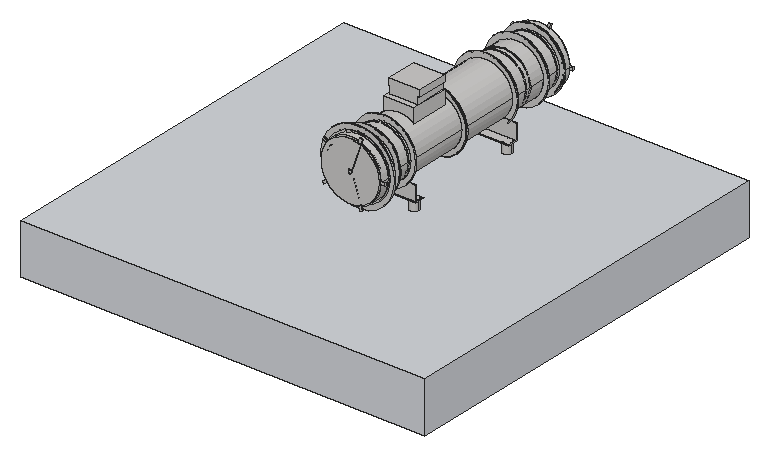
Revit family "HARMANN - REVIT - MAXEE - poziomy", category Wyposażenie mechaniczne, Revit 2025 (continued)
Definition of nested family "HARMANN - Akcesoria - RVK H"
  Types (13, lengths in mm): name | Numer artykułu | N1 | Model | E | D | B | A2 | A
    RVK H 900 F4 | "15955700" | 10 | "RVK H 900 F4" | 421.00 | 904.00 | 900.00 | 1000.00 | 970.00
    RVK H 1000 F4 | "15957400" | 11 | "RVK H 1000 F4" | 576.00 | 1004.00 | 1000.00 | 1100.00 | 1070.00
    RVK H 1120 F4 | "16399300" | 12 | "RVK H 1120 F4" | 566.00 | 1124.00 | 1120.00 | 1220.00 | 1190.00
    RVK H 1250 F4 | "16403000" | 13 | "RVK H 1250 F4" | 566.00 | 1254.00 | 1250.00 | 1350.00 | 1320.00
  Reference planes
    plane 1 "Center (Front/Back)": y = 0
    plane 2: z = 0
    plane 3 "Center (Left/Right)": x = 0
    plane 4: x = -485
    plane 5: x = 485
    plane 6: z = 485
    plane 7: z = -485
    plane 8: y = 421
    plane 9 "Center L/S": y = 3
    plane 10: y = 418
    plane 11: y = 321
    plane 12: y = 100
    plane 13 "Center L/T": y = 13
    plane 14 "Center L/U": y = 16
  Forms (mm)
    Sweep 1, solid, detail levels medium+fine
      path origin (0, 0, 0) x (1, 0, 0) y (0, 1, 0)
        loop
          line (0, 418) -> (0, 3)
      profile origin (0, 210.5, 0) x (1, 0, 0) y (0, 0, 1)
        loop
          circle (0, 0) r 452
        loop
          circle (0, 0) r 450
    Sweep 2, solid, detail levels medium+fine
      path origin (0, 0, 0) x (1, 0, 0) y (0, 1, 0)
        loop
          line (0, 421) -> (0, 418)
      profile origin (0, 419.5, 0) x (1, 0, 0) y (0, 0, 1)
        loop
          circle (0, 0) r 500
        loop
          circle (0, 0) r 450
    Sweep 3, solid, detail levels medium+fine
      path origin (0, 0, 0) x (1, 0, 0) y (0, 1, 0)
        loop
          line (0, 3) -> (0, 0)
      profile origin (0, 1.5, 0) x (1, 0, 0) y (0, 0, 1)
        loop
          circle (0, 0) r 500
        loop
          circle (0, 0) r 450
    Sweep 4, solid, detail levels coarse
      path origin (0, 0, 0) x (1, 0, 0) y (0, 1, 0)
        loop
          line (0, 421) -> (0, 0)
      profile origin (0, 210.5, 0) x (1, 0, 0) y (0, 0, 1)
        loop
          circle (0, 0) r 500
    Sweep 5, solid, detail levels medium+fine
      path origin (0, 0, 0) x (1, 0, 0) y (0, 1, 0)
        loop
          line (0, 102) -> (0, 98)
      profile origin (0, 100, 0) x (1, 0, 0) y (0, 0, 1)
        loop
          circle (0, 0) r 452
        loop
          circle (0, 0) r 450
    Sweep 6, solid, detail levels medium+fine
      path origin (0, 0, 0) x (1, 0, 0) y (0, 1, 0)
        loop
          line (0, 323) -> (0, 319)
      profile origin (0, 321, 0) x (1, 0, 0) y (0, 0, 1)
        loop
          circle (0, 0) r 452
        loop
          circle (0, 0) r 450
    Sweep 7, solid, detail levels medium+fine
      path origin (0, 0, 0) x (1, 0, 0) y (0, 1, 0)
        loop
          line (0, 16) -> (0, 13)
      profile origin (0, 14.5, 0) x (1, 0, 0) y (0, 0, 1)
        loop
          circle (0, 0) r 450
  Dimensions and locks
    equal spacing: plane 5, plane 3 "Center (Left/Right)", plane 4
    "A": plane 5 to plane 4
    equal spacing: plane 6, level, plane 7
    "A": plane 6 to plane 7
    locked: plane 1 "Center (Front/Back)" to plane 9 "Center L/S" at 3
    locked: plane 10 to plane 8 at 3
    locked: plane 11 to plane 8 at 100
    "E": plane 1 "Center (Front/Back)" to plane 8
    locked: plane 1 "Center (Front/Back)" to plane 12 at 100
    equal spacing: Sweep 5 sketch curve, plane 12, Sweep 5 sketch curve
    Sweep 5 sketch curve to Sweep 5 sketch curve = 4.00 mm
    locked: Sweep 6 sketch curve to Sweep 6 sketch curve at 4
    equal spacing: Sweep 6 sketch curve, plane 11, Sweep 6 sketch curve
    locked: plane 13 "Center L/T" to plane 14 "Center L/U" at 3
    locked: plane 9 "Center L/S" to plane 13 "Center L/T" at 10
    "B": diameter of Sweep 1 sketch curve
    "B": diameter of Sweep 2 sketch curve
    "A2": diameter of Sweep 2 sketch curve
    "B": diameter of Sweep 3 sketch curve
    "A2": diameter of Sweep 3 sketch curve
    "A2": diameter of Sweep 4 sketch curve
    "D": diameter of Sweep 1 sketch curve
    "D": diameter of Sweep 5 sketch curve
    "B": diameter of Sweep 5 sketch curve
    "D": diameter of Sweep 6 sketch curve
    "B": diameter of Sweep 6 sketch curve
    "B": diameter of Sweep 7 sketch curve
    aligned and locked: level to plane 2
    aligned and locked: Sweep 1 sketch curve to plane 3 "Center (Left/Right)"
    aligned and locked: plane 10 to Sweep 1 sketch curve
    aligned and locked: plane 9 "Center L/S" to Sweep 1 sketch curve
    aligned and locked: Sweep 2 sketch curve to plane 3 "Center (Left/Right)"
    aligned and locked: plane 8 to Sweep 2 sketch curve
    aligned and locked: plane 10 to Sweep 2 sketch curve
    aligned and locked: plane 1 "Center (Front/Back)" to Sweep 3 sketch curve
    aligned and locked: plane 9 "Center L/S" to Sweep 3 sketch curve
    aligned and locked: plane 8 to Sweep 4 sketch curve
    aligned and locked: plane 1 "Center (Front/Back)" to Sweep 4 sketch curve
    aligned and locked: plane 14 "Center L/U" to Sweep 7 sketch curve
    aligned and locked: plane 13 "Center L/T" to Sweep 7 sketch curve
  Automatic sketch dimensions
    Sweep 3 sketch curve to plane 3 "Center (Left/Right)" = 0.00 mm
    Sweep 4 sketch curve to plane 3 "Center (Left/Right)" = 0.00 mm
    Sweep 5 sketch curve to plane 3 "Center (Left/Right)" = 0.00 mm
    Sweep 6 sketch curve to plane 3 "Center (Left/Right)" = 0.00 mm
    Sweep 7 sketch curve to plane 3 "Center (Left/Right)" = 0.00 mm
    Sweep 1 sketch curve to Sweep 1 sketch curve = 0.00 mm  (x2)
    Sweep 1 sketch curve to level = 0.00 mm
    profile plane to Sweep 1 sketch curve = 0.00 mm
    Sweep 2 sketch curve to Sweep 2 sketch curve = 0.00 mm  (x2)
    Sweep 2 sketch curve to level = 0.00 mm
    profile plane to Sweep 2 sketch curve = 0.00 mm
    Sweep 3 sketch curve to Sweep 3 sketch curve = 0.00 mm  (x2)
    Sweep 3 sketch curve to level = 0.00 mm
    profile plane to Sweep 3 sketch curve = 0.00 mm
    Sweep 4 sketch curve to level = 0.00 mm
    profile plane to Sweep 4 sketch curve = 0.00 mm
    Sweep 5 sketch curve to Sweep 5 sketch curve = 0.00 mm  (x2)
    Sweep 5 sketch curve to level = 0.00 mm
    profile plane to Sweep 5 sketch curve = 0.00 mm
    Sweep 6 sketch curve to Sweep 6 sketch curve = 0.00 mm  (x2)
    Sweep 6 sketch curve to level = 0.00 mm
    profile plane to Sweep 6 sketch curve = 0.00 mm
    Sweep 7 sketch curve to level = 0.00 mm
    profile plane to Sweep 7 sketch curve = 0.00 mm
Definition of nested family "HARMANN - Akcesoria - SGE"
  Parameters (values of type "SGE 1000")
    Średnica wewnętrzna = 40.00 mm
    Numer artykułu = size_lookup(Lookup Table Name, "Numer artykułu", "n/a", N1)  # "15951800"
    N1 = 11 mm
    Model = size_lookup(Lookup Table Name, "Model", "n/a", N1)  # "SGE 1000"
    Manufacturer = "Harmann Polska Sp. z o.o."  # constant formula
    Lookup Table Name = "SGE"
    C = size_lookup(Lookup Table Name, "C", 1.00 mm, N1)  # 15.00 mm
    Description = "Klapa zwrotna"  # constant formula
    Default Elevation = 0.00 mm
    B2 = B - 4.00 mm  # 981.00 mm
    B = size_lookup(Lookup Table Name, "B", 1.00 mm, N1)  # 985.00 mm
    A2 = A + 16.00 mm  # 1086.00 mm
    A = size_lookup(Lookup Table Name, "A", 1.00 mm, N1)  # 1070.00 mm
  Types (14, lengths in mm): name | Numer artykułu | N1 | Model | C | B2 | B | A2 | A
    SGE 315 | "15405800" | 1 | "SGE 315" | 8.00 | 307.00 | 311.00 | 371.00 | 355.00
    SGE 355 | "15406200" | 2 | "SGE 355" | 8.00 | 351.00 | 355.00 | 411.00 | 395.00
    SGE 400 | "15407400" | 3 | "SGE 400" | 8.00 | 395.00 | 399.00 | 466.00 | 450.00
    SGE 450 | "15407500" | 4 | "SGE 450" | 8.00 | 461.00 | 465.00 | 516.00 | 500.00
    SGE 500 | "15407600" | 5 | "SGE 500" | 12.00 | 505.00 | 509.00 | 576.00 | 560.00
    SGE 560 | "15407700" | 6 | "SGE 560" | 12.00 | 571.00 | 575.00 | 636.00 | 620.00
    SGE 630 | "15407900" | 7 | "SGE 630" | 12.00 | 637.00 | 641.00 | 706.00 | 690.00
    SGE 710 | "15408300" | 8 | "SGE 710" | 16.00 | 703.00 | 707.00 | 786.00 | 770.00
    SGE 800 | "15951600" | 9 | "SGE 800" | 12.00 | 781.00 | 785.00 | 876.00 | 860.00
    SGE 900 | "15951700" | 10 | "SGE 900" | 15.00 | 881.00 | 885.00 | 986.00 | 970.00
    SGE 1000 | "15951800" | 11 | "SGE 1000" | 15.00 | 981.00 | 985.00 | 1086.00 | 1070.00
    SGE 1120 | "15951900" | 12 | "SGE 1120" | 15.00 | 1101.00 | 1105.00 | 1206.00 | 1190.00
    SGE 1250 | "15952000" | 13 | "SGE 1250" | 15.00 | 1231.00 | 1235.00 | 1336.00 | 1320.00
    SGE 1400 | "16041800" | 14 | "SGE 1400" | 15.00 | 1381.00 | 1385.00 | 1486.00 | 1470.00
  Reference planes
    plane 1 "Center (Front/Back)": y = 0
    plane 2: z = 0
    plane 3 "Center (Left/Right)": x = 0
    plane 4 "Center L/S": y = 15
    plane 5 "Center L/T": y = 7.5
  Forms (mm)
    Sweep 1, solid, detail levels medium+fine
      path origin (0, 0, 0) x (1, 0, 0) y (0, 1, 0)
        loop
          line (0, 0) -> (0, 7.5)
      profile origin (0, 3.75, 0) x (-1, 0, 0) y (0, 0, 1)
        loop
          line (19.472, 4.567) -> (443.807, 312.865)
          arc (443.807, 312.865) -> (439.296, 319.167) -> (434.696, 325.405) r 543
          line (434.696, 325.405) -> (10.361, 17.107)
          arc (10.361, 17.107) -> (16.18, 11.756) -> (19.472, 4.567) r 20
        loop
          arc (-160.408, 518.766) -> (-167.796, 516.424) -> (-175.15, 513.976) r 543
          line (-175.15, 513.976) -> (-13.068, 15.14)
          arc (-13.068, 15.14) -> (-6.18, 19.021) -> (1.673, 19.93) r 20
          line (1.673, 19.93) -> (-160.408, 518.766)
        loop
          arc (-542.945, 7.75) -> (-543, 0) -> (-542.945, -7.75) r 543
          line (-542.945, -7.75) -> (-18.437, -7.75)
          arc (-18.437, -7.75) -> (-20, 0) -> (-18.437, 7.75) r 20
          line (-18.437, 7.75) -> (-542.945, 7.75)
        loop
          arc (-175.15, -513.976) -> (-167.796, -516.424) -> (-160.408, -518.766) r 543
          line (-160.408, -518.766) -> (1.673, -19.93)
          arc (1.673, -19.93) -> (-6.18, -19.021) -> (-13.068, -15.14) r 20
          line (-13.068, -15.14) -> (-175.15, -513.976)
        loop
          arc (434.696, -325.405) -> (439.296, -319.167) -> (443.807, -312.865) r 543
          line (443.807, -312.865) -> (19.472, -4.567)
          arc (19.472, -4.567) -> (16.18, -11.756) -> (10.361, -17.107) r 20
          line (10.361, -17.107) -> (434.696, -325.405)
    Sweep 2, solid, detail levels medium+fine
      path origin (0, 0, 0) x (1, 0, 0) y (0, 1, 0)
        loop
          line (0, 15) -> (0, 7.5)
      profile origin (0, 11.25, 0) x (1, 0, 0) y (0, 0, 1)
        loop
          circle (0, 0) r 12.5
        loop
          circle (0, 0) r 490.5
        loop
          circle (0, 0) r 9.5
    Sweep 3, solid, detail levels coarse
      path origin (0, 0, 0) x (1, 0, 0) y (0, 1, 0)
        loop
          line (0, 0) -> (0, 15)
      profile origin (0, 7.5, 0) x (-1, 0, 0) y (0, 0, 1)
        loop
          circle (0, 0) r 535
  Dimensions and locks
    "C": plane 1 "Center (Front/Back)" to plane 4 "Center L/S"
    equal spacing: plane 1 "Center (Front/Back)", plane 5 "Center L/T", plane 4 "Center L/S"
    "B2": diameter of Sweep 2 sketch curve
    "A": diameter of Sweep 3 sketch curve
    "A2": diameter of Sweep 1 sketch curve  (x5)
    "Średnica wewnętrzna": diameter of Sweep 1 sketch curve  (x5)
    locked: Sweep 1 sketch curve to Sweep 1 sketch curve (angle 72.00°)  (x9)
    aligned and locked: level to plane 2
    aligned and locked: Sweep 1 sketch curve to plane 3 "Center (Left/Right)"
    aligned and locked: plane 4 "Center L/S" to Sweep 2 sketch curve
    aligned and locked: plane 1 "Center (Front/Back)" to Sweep 1 sketch curve
    aligned and locked: plane 1 "Center (Front/Back)" to Sweep 3 sketch curve
    aligned and locked: plane 5 "Center L/T" to Sweep 1 sketch curve
    aligned and locked: plane 5 "Center L/T" to Sweep 2 sketch curve
    aligned and locked: plane 4 "Center L/S" to Sweep 3 sketch curve
  Automatic sketch dimensions
    Sweep 2 sketch curve to plane 3 "Center (Left/Right)" = 0.00 mm
    Sweep 3 sketch curve to plane 3 "Center (Left/Right)" = 0.00 mm
    Sweep 1 sketch curve to Sweep 1 sketch curve = 0.00 mm  (x90)
    Sweep 1 sketch curve to level = 0.00 mm
    Sweep 1 sketch curve to profile plane = 0.00 mm
    profile plane to Sweep 1 sketch curve = 13.068 mm  (x2)
    level to Sweep 1 sketch curve = 7.75 mm
    Sweep 1 sketch curve to level = 7.75 mm
    Sweep 1 sketch curve to Sweep 1 sketch curve = 14.741 mm  (x2)
    Sweep 1 sketch curve to Sweep 1 sketch curve = 8.688 mm  (x2)
    Sweep 1 sketch curve to level = 4.567 mm
    level to Sweep 1 sketch curve = 4.567 mm
    Sweep 2 sketch curve to Sweep 2 sketch curve = 0.00 mm  (x6)
    Sweep 2 sketch curve to level = 0.00 mm
    profile plane to Sweep 2 sketch curve = 0.00 mm
    Sweep 3 sketch curve to level = 0.00 mm
    Sweep 3 sketch curve to profile plane = 0.00 mm
    radius of Sweep 2 sketch curve = 12.50 mm
    radius of Sweep 2 sketch curve = 9.50 mm
Definition of nested family "HARMANN - Akcesoria - FSD"
  Parameters (values of type "FSD 11")
    Numer artykułu = size_lookup(Lookup Table Name, "Numer artykułu", "n/a", N1)  # "16248900"
    N1 = 6 mm
    Model = size_lookup(Lookup Table Name, "Model", "n/a", N1)  # "FSD 11"
    Manufacturer = "Harmann Polska Sp. z o.o."  # constant formula
    Lookup Table Name = "FSD"
    Description = "Stopa montażowa"  # constant formula
    Default Elevation = 0.00 mm
    B = size_lookup(Lookup Table Name, "B", 1.00 mm, N1)  # 70.00 mm
    A = size_lookup(Lookup Table Name, "A", 1.00 mm, N1)  # 94.00 mm
  Types (6, lengths in mm): name | Numer artykułu | N1 | Model | B | A
    FSD 01 | "15549800" | 1 | "FSD 01" | 52.00 | 57.00
    FSD 02 | "15549900" | 2 | "FSD 02" | 52.00 | 57.00
    FSD 03 | "15550000" | 3 | "FSD 03" | 52.00 | 57.00
    FSD 04 | "15550100" | 4 | "FSD 04" | 70.00 | 94.00
    FSD 10 | "16248400" | 5 | "FSD 10" | 70.00 | 94.00
    FSD 11 | "16248900" | 6 | "FSD 11" | 70.00 | 94.00
  Reference planes
    plane 1 "Center (Front/Back)": y = 0
    plane 2: z = 0
    plane 3 "Center (Left/Right)": x = 0
    plane 4: x = -35
    plane 5: x = 35
    plane 6: z = 94
    plane 7: y = -35
    plane 8: y = 35
  Forms (mm)
    Sweep 1, solid
      path origin (0, 0, 0) x (0, 1, 0) y (0, 0, 1)
        loop
          line (0, 94) -> (0, 0)
      profile origin (0, 0, 47) x (1, 0, 0) y (0, 1, 0)
        loop
          circle (0, 0) r 35
  Dimensions and locks
    equal spacing: plane 7, plane 1 "Center (Front/Back)", plane 8
    "B": plane 7 to plane 8
    equal spacing: plane 4, plane 3 "Center (Left/Right)", plane 5
    "B": plane 4 to plane 5
    "A": plane 6 to plane 2
    "B": diameter of Sweep 1 sketch curve
    aligned and locked: level to plane 2
    aligned and locked: plane 1 "Center (Front/Back)" to Sweep 1 sketch curve
    aligned and locked: plane 2 to Sweep 1 sketch curve
    aligned and locked: plane 6 to Sweep 1 sketch curve
  Automatic sketch dimensions
    Sweep 1 sketch curve to plane 3 "Center (Left/Right)" = 0.00 mm
    profile plane to Sweep 1 sketch curve = 0.00 mm
Definition of nested family "HARMANN - Akcesoria - FAL"
  Parameters (values of type "FAL 1250")
    R2 [instance] = 627.50 mm
    Numer artykułu = size_lookup(Lookup Table Name, "Numer artykułu", "n/a", N1)  # "15790100"
    N1 = 13 mm
    Model = size_lookup(Lookup Table Name, "Model", "n/a", N1)  # "FAL 1250"
    Manufacturer = "Harmann Polska Sp. z o.o."  # constant formula
    Lookup Table Name = "FAL"
    Description = "Stopa montażowa do wentylatorów kanałowych MAXEE."
    Default Elevation = 0.00 mm
    D = size_lookup(Lookup Table Name, "D", 1.00 mm, N1)  # 270.00 mm
    C = size_lookup(Lookup Table Name, "C", 1.00 mm, N1)  # 100.00 mm
    A = size_lookup(Lookup Table Name, "A", 1.00 mm, N1)  # 1370.00 mm
  Types (14, lengths in mm): name | R2 | Numer artykułu | N1 | Model | D | C | A
    (no name) | 500.00 | "15790100" | 13 | "FAL 1250" | 270.00 | 100.00 | 1370.00
    FAL 315 | 159.00 | "15480500" | 1 | "FAL 315" | 98.00 | 60.00 | 380.00
    FAL 355 | 220.989 | "15480600" | 2 | "FAL 355" | 99.00 | 60.00 | 420.00
    FAL 400 | 220.989 | "15480700" | 3 | "FAL 400" | 99.00 | 60.00 | 480.00
    FAL 450 | 220.989 | "15480800" | 4 | "FAL 450" | 99.00 | 60.00 | 530.00
    FAL 500 | 220.989 | "15480900" | 5 | "FAL 500" | 99.00 | 70.00 | 590.00
    FAL 560 | 220.989 | "15481000" | 6 | "FAL 560" | 99.00 | 70.00 | 650.00
    FAL 630 | 220.989 | "15481100" | 7 | "FAL 630" | 99.00 | 70.00 | 720.00
    FAL 710 | 220.989 | "15481200" | 8 | "FAL 710" | 119.00 | 70.00 | 810.00
    FAL 800 | 220.989 | "15789700" | 9 | "FAL 800" | 160.00 | 100.00 | 900.00
    FAL 900 | 220.989 | "15789800" | 10 | "FAL 900" | 170.00 | 100.00 | 1010.00
    FAL 1000 | 562.50 | "15789900" | 11 | "FAL 1000" | 250.00 | 100.00 | 1110.00
    FAL 1120 | 220.989 | "15790000" | 12 | "FAL 1120" | 270.00 | 100.00 | 1240.00
    FAL 1250 | 627.50 | "15790100" | 13 | "FAL 1250" | 270.00 | 100.00 | 1370.00
  Reference planes
    plane 1 "Center (Front/Back)": y = 0
    plane 2: z = 0
    plane 3 "Center (Left/Right)": x = 0
    plane 4: x = -685
    plane 5: x = 685
    plane 6: z = 270
    plane 7: y = -100
    plane 8: y = -2
    plane 9: x = -683
    plane 10: x = 683
    plane 11: z = 135
    plane 12: z = 762.5
  Forms (mm)
    Sweep 1, solid
      path origin (0, 0, 0) x (1, 0, 0) y (0, 1, 0)
        loop
          line (685, -100) -> (-685, -100)
      profile origin (0, -100, 0) x (0, -1, 0) y (0, 0, 1)
        loop
          line (-100, 2) -> (-100, 0) -> (0, 0) -> (0, 2) -> (-100, 2)
    Sweep 2, solid
      path origin (0, 0, 0) x (1, 0, 0) y (0, 1, 0)
        loop
          line (0, 0) -> (0, -2)
      profile origin (0, -1, 0) x (1, 0, 0) y (0, 0, 1)
        loop
          line (-685, 270) -> (-685, 2) -> (685, 2) -> (685, 270) -> (388.844, 270)
          arc (388.844, 270) -> (0, 135) -> (-388.844, 270) r 627.5
          line (-388.844, 270) -> (-685, 270)
  Dimensions and locks
    equal spacing: plane 5, plane 3 "Center (Left/Right)", plane 4
    "A": plane 5 to plane 4
    "D": plane 6 to level
    "C": plane 1 "Center (Front/Back)" to plane 7
    locked: Sweep 1 sketch curve to Sweep 1 sketch curve at 2
    locked: plane 8 to plane 1 "Center (Front/Back)" at 2
    locked: plane 4 to plane 9 at 2
    locked: plane 10 to plane 5 at 2
    equal spacing: plane 6, plane 11, level
    "R2": plane 12 to plane 11
    "R2": radius of Sweep 2 sketch curve
    aligned and locked: level to plane 2
    aligned and locked: Sweep 1 sketch curve to plane 7
    aligned and locked: Sweep 1 sketch curve to plane 1 "Center (Front/Back)"
    aligned and locked: Sweep 1 sketch curve to level
    aligned and locked: Sweep 2 sketch curve to plane 3 "Center (Left/Right)"
    aligned and locked: plane 1 "Center (Front/Back)" to Sweep 2 sketch curve
    aligned and locked: plane 8 to Sweep 2 sketch curve
    aligned and locked: Sweep 2 sketch curve to plane 4
    aligned and locked: Sweep 2 sketch curve to Sweep 1
    aligned and locked: Sweep 2 sketch curve to plane 5
    aligned and locked: plane 6 to Sweep 2 sketch curve
    aligned and locked: plane 12 to Sweep 2 sketch curve
    aligned and locked: plane 3 "Center (Left/Right)" to Sweep 2 sketch curve
    aligned and locked: Sweep 2 sketch curve to plane 6
  Automatic sketch dimensions
    Sweep 1 sketch curve to plane 4 = 0.00 mm
    plane 5 to Sweep 1 sketch curve = 0.00 mm
    Sweep 1 sketch curve to profile plane = 0.00 mm
Definition of nested family "HARMANN - Akcesoria - TRA"
  Parameters (values of type "HARMANN - Akcesoria - TRA")
    N1 = 1 mm
    Model = "TRA 1000"
    Lookup Table Name = ""
    Description = "TRA 1000"
    Default Elevation = 0.00 mm
    B = 25.00 mm
    C [instance] = 588.00 mm
    A = 100.00 mm
  Reference planes
    plane 1 "Center (Front/Back)": y = 0
    plane 2: z = 0
    plane 3 "Center (Left/Right)": x = 0
    plane 4: x = -294
    plane 5: x = 294
    plane 6: z = 100
    plane 7: y = -25
    plane 8: x = 219
  Forms (mm)
    Sweep 1, solid
      path origin (0, 0, 0) x (1, 0, 0) y (0, 1, 0)
        loop
          line (294, 0) -> (-294, 0)
      profile origin (0, 0, 0) x (0, -1, 0) y (0, 0, 1)
        loop
          line (0, 0) -> (25, 0) -> (25, 2) -> (2, 2) -> (2, 98) -> (25, 98) -> (25, 100) -> (0, 100) -> (0, 0)
  Dimensions and locks
    equal spacing: plane 5, plane 3 "Center (Left/Right)", plane 4
    "C": plane 5 to plane 4
    "A": plane 6 to level
    "B": plane 1 "Center (Front/Back)" to plane 7
    locked: Sweep 1 sketch curve to level at 2
    locked: plane 6 to Sweep 1 sketch curve at 2
    locked: plane 1 "Center (Front/Back)" to Sweep 1 sketch curve at 2
    aligned and locked: level to plane 2
    aligned and locked: plane 4 to Sweep 1 sketch curve
    aligned and locked: plane 5 to Sweep 1 sketch curve
    aligned and locked: Sweep 1 sketch curve to plane 1 "Center (Front/Back)"  (x2)
    aligned and locked: Sweep 1 sketch curve to plane 2
    aligned and locked: Sweep 1 sketch curve to plane 6
    aligned and locked: Sweep 1 sketch curve to plane 7
  Automatic sketch dimensions
    Sweep 1 sketch curve to Sweep 1 sketch curve = 23.00 mm
Types (40, lengths in mm): name | Zasilanie natężenie maksymalne Imax | Zasilanie Moc maksymalna Pmax | Zasilanie Częstotliwość Maksymalna fmax | Wysokość FSD | Wysokość FAL | Wysokość | TRA | R2 | Numer artykułu | Długość RVS SPR | Długość RVK H SPR | Długość RVK H | Długość EXP od strony tłoczonej SPR | Długość EXP SPR | Długość RAF SPR | Długość ESD SPR | Czy Przyłącze okrągłe RVS | Powietrze ciśnienie statyczne maksymalne dPmax | Powietrze Przepływ Maksymalny Qmax | Obroty nominalne nnom | N1 | Model | Moc akustyczna nominalna obudowa Lwa | Masa | MAXEE | Lookup Table Name | Klasa odporności ogniowej Tmax | F | Długość TRA | Długość RVS | Długość EXP | Długość RAF | Długość MAXEE | Długość ESD | D2 | D | Ciśnienie akustyczne nominalne obudowa Lpa | C | B | Akc SGE dla ESD | Akc SGE | Akc RVS | Akc RVK H | Akc EXP | Akc RAF | Akc FSD | Akc FAL | Akc ESD | A
  MAXEE 1250/6/119600T | 68.8 A | 37683 W | 60 Hz | 94.00 | 270.00 | 498.00 | yes | 625.00 | "16259200" | 0.00 | 566.00 | 566.00 | 235.00 | 235.00 | 105.00 | 178.00 | no | 1015.0 Pa | 119640.0 m³/h | 1190.000 obr./min | 40 | "MAXEE 1250/6/119600T" | "96 dB(A)" | 550.00 kg | HARMANN - MAXEE : MAXEE 1250/6/119600T | "MAXEE" | "brak" | 997.00 | 681.00 | 308.00 | 235.00 | 105.00 | 728.00 | 178.00 | 1256.00 | 1250.00 | "89 dB(A)" | 1320.00 | 728.00 | HARMANN - Akcesoria - SGE : SGE 1400 | HARMANN - Akcesoria - SGE : SGE 1250 | HARMANN - Akcesoria - RVS : RVS 1250 | HARMANN - Akcesoria - RVK H : RVK H 1250 | HARMANN - Akcesoria - EXP : EXP 1250 | HARMANN - Akcesoria - RAF : RAF 1250 | HARMANN - Akcesoria - FSD : FSD 11 | HARMANN - Akcesoria - FAL : FAL 1250 | HARMANN - Akcesoria - ESD : ESD 1250 | 1370.00
  MAXEE 1250/6/109300T | 52 A | 28129 W | 55 Hz | 94.00 | 270.00 | 498.00 | yes | 625.00 | "16258300" | 0.00 | 566.00 | 566.00 | 235.00 | 235.00 | 105.00 | 178.00 | no | 835.0 Pa | 109260.0 m³/h | 1080.000 obr./min | 39 | "MAXEE 1250/6/109300T" | "95 dB(A)" | 376.00 kg | HARMANN - MAXEE : MAXEE 1250/6/109300T | "MAXEE" | "brak" | 997.00 | 681.00 | 308.00 | 235.00 | 105.00 | 728.00 | 178.00 | 1256.00 | 1250.00 | "88 dB(A)" | 1320.00 | 728.00 | HARMANN - Akcesoria - SGE : SGE 1250 | HARMANN - Akcesoria - SGE : SGE 1250 | HARMANN - Akcesoria - RVS : RVS 1250 | HARMANN - Akcesoria - RVK H : RVK H 1250 | HARMANN - Akcesoria - EXP : EXP 1250 | HARMANN - Akcesoria - RAF : RAF 1250 | HARMANN - Akcesoria - FSD : FSD 11 | HARMANN - Akcesoria - FAL : FAL 1250 | HARMANN - Akcesoria - ESD : ESD 1250 | 1370.00
  MAXEE 1250/6/98500T | 40.5 A | 21529 W | 50 Hz | 94.00 | 270.00 | 498.00 | yes | 625.00 | "16257900" | 0.00 | 566.00 | 566.00 | 235.00 | 235.00 | 105.00 | 178.00 | no | 670.0 Pa | 98520.0 m³/h | 990.000 obr./min | 38 | "MAXEE 1250/6/98500T" | "96 dB(A)" | 365.00 kg | HARMANN - MAXEE : MAXEE 1250/6/98500T | "MAXEE" | "brak" | 997.00 | 681.00 | 308.00 | 235.00 | 105.00 | 728.00 | 178.00 | 1256.00 | 1250.00 | "89 dB(A)" | 1320.00 | 728.00 | HARMANN - Akcesoria - SGE : SGE 1400 | HARMANN - Akcesoria - SGE : SGE 1250 | HARMANN - Akcesoria - RVS : RVS 1250 | HARMANN - Akcesoria - RVK H : RVK H 1250 | HARMANN - Akcesoria - EXP : EXP 1250 | HARMANN - Akcesoria - RAF : RAF 1250 | HARMANN - Akcesoria - FSD : FSD 11 | HARMANN - Akcesoria - FAL : FAL 1250 | HARMANN - Akcesoria - ESD : ESD 1250 | 1370.00
  MAXEE 1250/6/79400T | 25.9 A | 10850 W | 40 Hz | 94.00 | 270.00 | 498.00 | yes | 625.00 | "16257300" | 0.00 | 566.00 | 566.00 | 235.00 | 235.00 | 105.00 | 178.00 | no | 420.0 Pa | 79450.0 m³/h | 780.000 obr./min | 37 | "MAXEE 1250/6/79400T" | "87 dB(A)" | 280.00 kg | HARMANN - MAXEE : MAXEE 1250/6/79400T | "MAXEE" | "400 [oC/2h]" | 874.00 | 681.00 | 308.00 | 235.00 | 105.00 | 728.00 | 178.00 | 1256.00 | 1250.00 | "80 dB(A)" | 1320.00 | 728.00 | HARMANN - Akcesoria - SGE : SGE 1400 | HARMANN - Akcesoria - SGE : SGE 1250 | HARMANN - Akcesoria - RVS : RVS 1250 | HARMANN - Akcesoria - RVK H : RVK H 1250 | HARMANN - Akcesoria - EXP : EXP 1250 | HARMANN - Akcesoria - RAF : RAF 1250 | HARMANN - Akcesoria - FSD : FSD 11 | HARMANN - Akcesoria - FAL : FAL 1250 | HARMANN - Akcesoria - ESD : ESD 1250 | 1370.00
  MAXEE 1120/6/85800T | 37.8 A | 20147 W | 60 Hz | 94.00 | 270.00 | 433.00 | yes | 560.00 | "16271100" | 0.00 | 566.00 | 566.00 | 235.00 | 235.00 | 105.00 | 178.00 | no | 765.0 Pa | 85820.0 m³/h | 1190.000 obr./min | 36 | "MAXEE 1120/6/85800T" | "94 dB(A)" | 345.00 kg | HARMANN - MAXEE : MAXEE 1120/6/85800T | "MAXEE" | "brak" | 967.00 | 681.00 | 308.00 | 235.00 | 105.00 | 728.00 | 178.00 | 1126.00 | 1120.00 | "87 dB(A)" | 1190.00 | 728.00 | HARMANN - Akcesoria - SGE : SGE 1250 | HARMANN - Akcesoria - SGE : SGE 1120 | HARMANN - Akcesoria - RVS : RVS 1120 | HARMANN - Akcesoria - RVK H : RVK H 1120 | HARMANN - Akcesoria - EXP : EXP 1120 | HARMANN - Akcesoria - RAF : RAF 1120 | HARMANN - Akcesoria - FSD : FSD 11 | HARMANN - Akcesoria - FAL : FAL 1120 | HARMANN - Akcesoria - ESD : ESD 1120 | 1240.00
  MAXEE 1120/6/71400T | 23.6 A | 12903 W | 50 Hz | 94.00 | 270.00 | 433.00 | yes | 560.00 | "16270700" | 0.00 | 566.00 | 566.00 | 235.00 | 235.00 | 105.00 | 178.00 | no | 545.0 Pa | 71380.0 m³/h | 990.000 obr./min | 35 | "MAXEE 1120/6/71400T" | "93 dB(A)" | 298.00 kg | HARMANN - MAXEE : MAXEE 1120/6/71400T | "MAXEE" | "brak" | 844.00 | 681.00 | 308.00 | 235.00 | 105.00 | 728.00 | 178.00 | 1126.00 | 1120.00 | "86 dB(A)" | 1190.00 | 728.00 | HARMANN - Akcesoria - SGE : SGE 1250 | HARMANN - Akcesoria - SGE : SGE 1120 | HARMANN - Akcesoria - RVS : RVS 1120 | HARMANN - Akcesoria - RVK H : RVK H 1120 | HARMANN - Akcesoria - EXP : EXP 1120 | HARMANN - Akcesoria - RAF : RAF 1120 | HARMANN - Akcesoria - FSD : FSD 11 | HARMANN - Akcesoria - FAL : FAL 1120 | HARMANN - Akcesoria - ESD : ESD 1120 | 1240.00
  MAXEE 1120/6/62200T | 16.2 A | 7053 W | 45 Hz | 94.00 | 270.00 | 433.00 | yes | 560.00 | "16271500" | 0.00 | 566.00 | 566.00 | 235.00 | 235.00 | 105.00 | 178.00 | no | 390.0 Pa | 62250.0 m³/h | 860.000 obr./min | 34 | "MAXEE 1120/6/62200T" | "87 dB(A)" | 218.00 kg | HARMANN - MAXEE : MAXEE 1120/6/62200T | "MAXEE" | "brak" | 745.00 | 681.00 | 308.00 | 235.00 | 105.00 | 728.00 | 178.00 | 1126.00 | 1120.00 | "80 dB(A)" | 1190.00 | 728.00 | HARMANN - Akcesoria - SGE : SGE 1250 | HARMANN - Akcesoria - SGE : SGE 1120 | HARMANN - Akcesoria - RVS : RVS 1120 | HARMANN - Akcesoria - RVK H : RVK H 1120 | HARMANN - Akcesoria - EXP : EXP 1120 | HARMANN - Akcesoria - RAF : RAF 1120 | HARMANN - Akcesoria - FSD : FSD 11 | HARMANN - Akcesoria - FAL : FAL 1120 | HARMANN - Akcesoria - ESD : ESD 1120 | 1240.00
  MAXEE 1000/4/76100T | 41.4 A | 23206 W | 50 Hz | 94.00 | 250.00 | 383.00 | yes | 500.00 | "16264100" | 0.00 | 576.00 | 576.00 | 245.00 | 245.00 | 110.00 | 178.00 | no | 970.0 Pa | 76095.0 m³/h | 1480.000 obr./min | 33 | "MAXEE 1000/4/76100T" | "94 dB(A)" | 280.00 kg | HARMANN - MAXEE : MAXEE 1000/4/76100T | "MAXEE" | "brak" | 834.00 | 591.00 | 318.00 | 245.00 | 110.00 | 638.00 | 178.00 | 1006.00 | 1000.00 | "87 dB(A)" | 1070.00 | 638.00 | HARMANN - Akcesoria - SGE : SGE 1120 | HARMANN - Akcesoria - SGE : SGE 1000 | HARMANN - Akcesoria - RVS : RVS 1000 | HARMANN - Akcesoria - RVK H : RVK H 1000 | HARMANN - Akcesoria - EXP : EXP 1000 | HARMANN - Akcesoria - RAF : RAF 1000 | HARMANN - Akcesoria - FSD : FSD 11 | HARMANN - Akcesoria - FAL : FAL 1000 | HARMANN - Akcesoria - ESD : ESD 1000 | 1110.00
  MAXEE 1000/4/75800T | 41.1 A | 22034 W | 50 Hz | 94.00 | 250.00 | 383.00 | yes | 500.00 | "16264800" | 0.00 | 576.00 | 576.00 | 245.00 | 245.00 | 110.00 | 178.00 | no | 980.0 Pa | 75810.0 m³/h | 1480.000 obr./min | 32 | "MAXEE 1000/4/75800T" | "91 dB(A)" | 313.00 kg | HARMANN - MAXEE : MAXEE 1000/4/75800T | "MAXEE_HT" | "brak" | 872.00 | 591.00 | 318.00 | 245.00 | 110.00 | 638.00 | 178.00 | 1006.00 | 1000.00 | "84 dB(A)" | 1070.00 | 638.00 | HARMANN - Akcesoria - SGE : SGE 1120 | HARMANN - Akcesoria - SGE : SGE 1000 | HARMANN - Akcesoria - RVS : RVS 1000 | HARMANN - Akcesoria - RVK H : RVK H 1000 | HARMANN - Akcesoria - EXP : EXP 1000 | HARMANN - Akcesoria - RAF : RAF 1000 | HARMANN - Akcesoria - FSD : FSD 11 | HARMANN - Akcesoria - FAL : FAL 1000 | HARMANN - Akcesoria - ESD : ESD 1000 | 1110.00
  MAXEE 1000/4/67500T | 32.8 A | 16042 W | 45 Hz | 94.00 | 250.00 | 383.00 | yes | 500.00 | "16263600" | 0.00 | 576.00 | 576.00 | 245.00 | 245.00 | 110.00 | 178.00 | no | 1160.0 Pa | 67550.0 m³/h | 1330.000 obr./min | 31 | "MAXEE 1000/4/67500T" | "89 dB(A)" | 264.00 kg | HARMANN - MAXEE : MAXEE 1000/4/67500T | "MAXEE" | "brak" | 814.00 | 591.00 | 318.00 | 245.00 | 110.00 | 638.00 | 178.00 | 1006.00 | 1000.00 | "82 dB(A)" | 1070.00 | 638.00 | HARMANN - Akcesoria - SGE : SGE 1120 | HARMANN - Akcesoria - SGE : SGE 1000 | HARMANN - Akcesoria - RVS : RVS 1000 | HARMANN - Akcesoria - RVK H : RVK H 1000 | HARMANN - Akcesoria - EXP : EXP 1000 | HARMANN - Akcesoria - RAF : RAF 1000 | HARMANN - Akcesoria - FSD : FSD 11 | HARMANN - Akcesoria - FAL : FAL 1000 | HARMANN - Akcesoria - ESD : ESD 1000 | 1110.00
  MAXEE 1000/6/60100T | 21.5 A | 15647 W | 60 Hz | 94.00 | 250.00 | 383.00 | yes | 500.00 | "16263100" | 0.00 | 576.00 | 576.00 | 245.00 | 245.00 | 110.00 | 178.00 | no | 610.0 Pa | 60140.0 m³/h | 1185.000 obr./min | 30 | "MAXEE 1000/6/60100T" | "85 dB(A)" | 265.00 kg | HARMANN - MAXEE : MAXEE 1000/6/60100T | "MAXEE" | "brak" | 814.00 | 591.00 | 318.00 | 245.00 | 110.00 | 638.00 | 178.00 | 1006.00 | 1000.00 | "78 dB(A)" | 1070.00 | 638.00 | HARMANN - Akcesoria - SGE : SGE 1120 | HARMANN - Akcesoria - SGE : SGE 1000 | HARMANN - Akcesoria - RVS : RVS 1000 | HARMANN - Akcesoria - RVK H : RVK H 1000 | HARMANN - Akcesoria - EXP : EXP 1000 | HARMANN - Akcesoria - RAF : RAF 1000 | HARMANN - Akcesoria - FSD : FSD 11 | HARMANN - Akcesoria - FAL : FAL 1000 | HARMANN - Akcesoria - ESD : ESD 1000 | 1110.00
  MAXEE 1000/4/60000T | 26.8 A | 11300 W | 40 Hz | 94.00 | 250.00 | 383.00 | yes | 500.00 | "16261800" | 318.00 | 576.00 | 576.00 | 245.00 | 245.00 | 110.00 | 178.00 | yes | 600.0 Pa | 60040.0 m³/h | 1185.000 obr./min | 29 | "MAXEE 1000/4/60000T" | "85 dB(A)" | 220.00 kg | HARMANN - MAXEE : MAXEE 1000/4/60000T | "MAXEE" | "brak" | 770.00 | 909.00 | 318.00 | 245.00 | 110.00 | 638.00 | 178.00 | 1006.00 | 1000.00 | "78 dB(A)" | 1070.00 | 638.00 | HARMANN - Akcesoria - SGE : SGE 1120 | HARMANN - Akcesoria - SGE : SGE 1000 | HARMANN - Akcesoria - RVS : RVS 1000 | HARMANN - Akcesoria - RVK H : RVK H 1000 | HARMANN - Akcesoria - EXP : EXP 1000 | HARMANN - Akcesoria - RAF : RAF 1000 | HARMANN - Akcesoria - FSD : FSD 11 | HARMANN - Akcesoria - FAL : FAL 1000 | HARMANN - Akcesoria - ESD : ESD 1000 | 1110.00
  MAXEE 1000/6/49300T | 14.4 A | 6663 W | 50 Hz | 94.00 | 250.00 | 383.00 | yes | 500.00 | "16265200" | 318.00 | 576.00 | 576.00 | 245.00 | 245.00 | 110.00 | 178.00 | yes | 400.0 Pa | 49290.0 m³/h | 980.000 obr./min | 28 | "MAXEE 1000/6/49300T" | "85 dB(A)" | 195.00 kg | HARMANN - MAXEE : MAXEE 1000/6/49300T | "MAXEE_HT" | "brak" | 715.00 | 909.00 | 318.00 | 245.00 | 110.00 | 638.00 | 178.00 | 1006.00 | 1000.00 | "78 dB(A)" | 1070.00 | 638.00 | HARMANN - Akcesoria - SGE : SGE 1120 | HARMANN - Akcesoria - SGE : SGE 1000 | HARMANN - Akcesoria - RVS : RVS 1000 | HARMANN - Akcesoria - RVK H : RVK H 1000 | HARMANN - Akcesoria - EXP : EXP 1000 | HARMANN - Akcesoria - RAF : RAF 1000 | HARMANN - Akcesoria - FSD : FSD 11 | HARMANN - Akcesoria - FAL : FAL 1000 | HARMANN - Akcesoria - ESD : ESD 1000 | 1110.00
  MAXEE 900/4/60300T | 31 A | 17319 W | 55 Hz | 94.00 | 170.00 | 373.00 | no | 450.00 | "16268300" | 318.00 | 421.00 | 421.00 | 245.00 | 245.00 | 53.00 | 178.00 | yes | 920.0 Pa | 60290.0 m³/h | 1630.000 obr./min | 27 | "MAXEE 900/4/60300T" | "90 dB(A)" | 244.80 kg | HARMANN - MAXEE : MAXEE 900/4/60300T | "MAXEE" | "brak" | 794.00 | 909.00 | 318.00 | 245.00 | 53.00 | 638.00 | 178.00 | 906.00 | 900.00 | "83 dB(A)" | 970.00 | 638.00 | HARMANN - Akcesoria - SGE : SGE 1000 | HARMANN - Akcesoria - SGE : SGE 900 | HARMANN - Akcesoria - RVS : RVS 900 | HARMANN - Akcesoria - RVK H : RVK H 900 | HARMANN - Akcesoria - EXP : EXP 900 | HARMANN - Akcesoria - RAF : RAF 900 | HARMANN - Akcesoria - FSD : FSD 10 | HARMANN - Akcesoria - FAL : FAL 900 | HARMANN - Akcesoria - ESD : ESD 900 | 1010.00
  MAXEE 900/4/54700T | 25.2 A | 13233 W | 50 Hz | 94.00 | 170.00 | 373.00 | no | 450.00 | "16268300" | 318.00 | 421.00 | 421.00 | 245.00 | 245.00 | 53.00 | 178.00 | yes | 760.0 Pa | 54730.0 m³/h | 1480.000 obr./min | 26 | "MAXEE 900/4/54700T" | "90 dB(A)" | 200.80 kg | HARMANN - MAXEE : MAXEE 900/4/54700T | "MAXEE" | "brak" | 750.00 | 909.00 | 318.00 | 245.00 | 53.00 | 638.00 | 178.00 | 906.00 | 900.00 | "83 dB(A)" | 970.00 | 638.00 | HARMANN - Akcesoria - SGE : SGE 1000 | HARMANN - Akcesoria - SGE : SGE 900 | HARMANN - Akcesoria - RVS : RVS 900 | HARMANN - Akcesoria - RVK H : RVK H 900 | HARMANN - Akcesoria - EXP : EXP 900 | HARMANN - Akcesoria - RAF : RAF 900 | HARMANN - Akcesoria - FSD : FSD 10 | HARMANN - Akcesoria - FAL : FAL 900 | HARMANN - Akcesoria - ESD : ESD 900 | 1010.00
  MAXEE 900/4/49400T | 18.3 A | 9518 W | 45 Hz | 94.00 | 170.00 | 373.00 | no | 450.00 | "16270200" | 318.00 | 421.00 | 421.00 | 245.00 | 245.00 | 53.00 | 178.00 | yes | 580.0 Pa | 49370.0 m³/h | 1320.000 obr./min | 25 | "MAXEE 900/4/49400T" | "87 dB(A)" | 169.20 kg | HARMANN - MAXEE : MAXEE 900/4/49400T | "MAXEE" | "brak" | 670.00 | 909.00 | 318.00 | 245.00 | 53.00 | 638.00 | 178.00 | 906.00 | 900.00 | "80 dB(A)" | 970.00 | 638.00 | HARMANN - Akcesoria - SGE : SGE 1000 | HARMANN - Akcesoria - SGE : SGE 900 | HARMANN - Akcesoria - RVS : RVS 900 | HARMANN - Akcesoria - RVK H : RVK H 900 | HARMANN - Akcesoria - EXP : EXP 900 | HARMANN - Akcesoria - RAF : RAF 900 | HARMANN - Akcesoria - FSD : FSD 10 | HARMANN - Akcesoria - FAL : FAL 900 | HARMANN - Akcesoria - ESD : ESD 900 | 1010.00
  MAXEE 900/6/43400T | 13.1 A | 6601 W | 60 Hz | 94.00 | 170.00 | 373.00 | no | 450.00 | "16269500" | 318.00 | 421.00 | 421.00 | 245.00 | 245.00 | 53.00 | 178.00 | yes | 990.0 Pa | 43390.0 m³/h | 1170.000 obr./min | 24 | "MAXEE 900/6/43400T" | "83 dB(A)" | 177.20 kg | HARMANN - MAXEE : MAXEE 900/6/43400T | "MAXEE" | "brak" | 695.00 | 909.00 | 318.00 | 245.00 | 53.00 | 638.00 | 178.00 | 906.00 | 900.00 | "76 dB(A)" | 970.00 | 638.00 | HARMANN - Akcesoria - SGE : SGE 1000 | HARMANN - Akcesoria - SGE : SGE 900 | HARMANN - Akcesoria - RVS : RVS 900 | HARMANN - Akcesoria - RVK H : RVK H 900 | HARMANN - Akcesoria - EXP : EXP 900 | HARMANN - Akcesoria - RAF : RAF 900 | HARMANN - Akcesoria - FSD : FSD 10 | HARMANN - Akcesoria - FAL : FAL 900 | HARMANN - Akcesoria - ESD : ESD 900 | 1010.00
  MAXEE 900/4/43300T | 14.9 A | 6500 W | 40 Hz | 94.00 | 170.00 | 373.00 | no | 450.00 | "1628800" | 318.00 | 421.00 | 421.00 | 245.00 | 245.00 | 53.00 | 178.00 | yes | 440.0 Pa | 43340.0 m³/h | 1170.000 obr./min | 23 | "MAXEE 900/4/43300T" | "84 dB(A)" | 158.20 kg | HARMANN - MAXEE : MAXEE 900/4/43300T | "MAXEE" | "brak" | 725.00 | 909.00 | 318.00 | 245.00 | 53.00 | 638.00 | 178.00 | 906.00 | 900.00 | "77 dB(A)" | 970.00 | 638.00 | HARMANN - Akcesoria - SGE : SGE 1000 | HARMANN - Akcesoria - SGE : SGE 900 | HARMANN - Akcesoria - RVS : RVS 900 | HARMANN - Akcesoria - RVK H : RVK H 900 | HARMANN - Akcesoria - EXP : EXP 900 | HARMANN - Akcesoria - RAF : RAF 900 | HARMANN - Akcesoria - FSD : FSD 10 | HARMANN - Akcesoria - FAL : FAL 900 | HARMANN - Akcesoria - ESD : ESD 900 | 1010.00
  MAXEE 800/4/48700T | 23.9 A | 9704 W | 60 Hz | 94.00 | 160.00 | 328.00 | no | 400.00 | "16246300" | 328.00 | 431.00 | 431.00 | 255.00 | 255.00 | 58.00 | 178.00 | yes | 900.0 Pa | 48730.0 m³/h | 1780.000 obr./min | 22 | "MAXEE 800/4/48700T" | "89 dB(A)" | 186.10 kg | HARMANN - MAXEE : MAXEE 800/4/48700T | "MAXEE" | "brak" | 725.00 | 929.00 | 328.00 | 255.00 | 58.00 | 648.00 | 178.00 | 806.00 | 800.00 | "82 dB(A)" | 860.00 | 648.00 | HARMANN - Akcesoria - SGE : SGE 900 | HARMANN - Akcesoria - SGE : SGE 800 | HARMANN - Akcesoria - RVS : RVS 800 | HARMANN - Akcesoria - RVK H : RVK H 800 | HARMANN - Akcesoria - EXP : EXP 800 | HARMANN - Akcesoria - RAF : RAF 800 | HARMANN - Akcesoria - FSD : FSD 10 | HARMANN - Akcesoria - FAL : FAL 800 | HARMANN - Akcesoria - ESD : ESD 800 | 900.00
  MAXEE 800/4/39900T | 14.5 A | 7656 W | 50 Hz | 94.00 | 160.00 | 328.00 | no | 400.00 | "16256400" | 328.00 | 431.00 | 431.00 | 255.00 | 255.00 | 58.00 | 178.00 | yes | 650.0 Pa | 39890.0 m³/h | 1480.000 obr./min | 21 | "MAXEE 800/4/39900T" | "88 dB(A)" | 153.10 kg | HARMANN - MAXEE : MAXEE 800/4/39900T | "MAXEE" | "brak" | 670.00 | 929.00 | 328.00 | 255.00 | 58.00 | 648.00 | 178.00 | 806.00 | 800.00 | "81 dB(A)" | 860.00 | 648.00 | HARMANN - Akcesoria - SGE : SGE 900 | HARMANN - Akcesoria - SGE : SGE 800 | HARMANN - Akcesoria - RVS : RVS 800 | HARMANN - Akcesoria - RVK H : RVK H 800 | HARMANN - Akcesoria - EXP : EXP 800 | HARMANN - Akcesoria - RAF : RAF 800 | HARMANN - Akcesoria - FSD : FSD 10 | HARMANN - Akcesoria - FAL : FAL 800 | HARMANN - Akcesoria - ESD : ESD 800 | 900.00
  MAXEE 800/6/36800T | 12.1 A | 6296 W | 70 Hz | 94.00 | 160.00 | 328.00 | no | 400.00 | "16254300" | 328.00 | 431.00 | 431.00 | 255.00 | 255.00 | 58.00 | 178.00 | yes | 530.0 Pa | 36860.0 m³/h | 1370.000 obr./min | 20 | "MAXEE 800/6/36800T" | "85 dB(A)" | 161.10 kg | HARMANN - MAXEE : MAXEE 800/6/36800T | "MAXEE" | "brak" | 670.00 | 929.00 | 328.00 | 255.00 | 58.00 | 648.00 | 178.00 | 806.00 | 800.00 | "78 dB(A)" | 860.00 | 648.00 | HARMANN - Akcesoria - SGE : SGE 900 | HARMANN - Akcesoria - SGE : SGE 800 | HARMANN - Akcesoria - RVS : RVS 800 | HARMANN - Akcesoria - RVK H : RVK H 800 | HARMANN - Akcesoria - EXP : EXP 800 | HARMANN - Akcesoria - RAF : RAF 800 | HARMANN - Akcesoria - FSD : FSD 10 | HARMANN - Akcesoria - FAL : FAL 800 | HARMANN - Akcesoria - ESD : ESD 800 | 900.00
  MAXEE 800/4/31600T | 9.9 A | 4780 W | 40 Hz | 94.00 | 160.00 | 328.00 | no | 400.00 | "16253000" | 328.00 | 431.00 | 431.00 | 255.00 | 255.00 | 58.00 | 178.00 | yes | 780.0 Pa | 31640.0 m³/h | 1180.000 obr./min | 19 | "MAXEE 800/4/31600T" | "81 dB(A)" | 142.10 kg | HARMANN - MAXEE : MAXEE 800/4/31600T | "MAXEE" | "brak" | 516.00 | 929.00 | 328.00 | 255.00 | 58.00 | 648.00 | 178.00 | 806.00 | 800.00 | "74 dB(A)" | 860.00 | 648.00 | HARMANN - Akcesoria - SGE : SGE 900 | HARMANN - Akcesoria - SGE : SGE 800 | HARMANN - Akcesoria - RVS : RVS 800 | HARMANN - Akcesoria - RVK H : RVK H 800 | HARMANN - Akcesoria - EXP : EXP 800 | HARMANN - Akcesoria - RAF : RAF 800 | HARMANN - Akcesoria - FSD : FSD 10 | HARMANN - Akcesoria - FAL : FAL 800 | HARMANN - Akcesoria - ESD : ESD 800 | 900.00
  MAXEE 800/4/30800T | 9.8 A | 3816 W | 40 Hz | 94.00 | 160.00 | 328.00 | no | 400.00 | "16252000" | 328.00 | 431.00 | 431.00 | 255.00 | 255.00 | 58.00 | 178.00 | yes | 380.0 Pa | 30800.0 m³/h | 1150.000 obr./min | 18 | "MAXEE 800/4/30800T" | "81 dB(A)" | 117.10 kg | HARMANN - MAXEE : MAXEE 800/4/30800T | "MAXEE" | "brak" | 516.00 | 929.00 | 328.00 | 255.00 | 58.00 | 648.00 | 178.00 | 806.00 | 800.00 | "74 dB(A)" | 860.00 | 648.00 | HARMANN - Akcesoria - SGE : SGE 900 | HARMANN - Akcesoria - SGE : SGE 800 | HARMANN - Akcesoria - RVS : RVS 800 | HARMANN - Akcesoria - RVK H : RVK H 800 | HARMANN - Akcesoria - EXP : EXP 800 | HARMANN - Akcesoria - RAF : RAF 800 | HARMANN - Akcesoria - FSD : FSD 10 | HARMANN - Akcesoria - FAL : FAL 800 | HARMANN - Akcesoria - ESD : ESD 800 | 900.00
  MAXEE 800/6/26500T | 5.2 A | 3298 W | 50 Hz | 94.00 | 160.00 | 328.00 | no | 400.00 | "16250100" | 328.00 | 431.00 | 431.00 | 255.00 | 255.00 | 58.00 | 178.00 | yes | 280.0 Pa | 26520.0 m³/h | 980.000 obr./min | 17 | "MAXEE 800/6/26500T" | "80 dB(A)" | 114.10 kg | HARMANN - MAXEE : MAXEE 800/6/26500T | "MAXEE" | "brak" | 516.00 | 929.00 | 328.00 | 255.00 | 58.00 | 648.00 | 178.00 | 806.00 | 800.00 | "73 dB(A)" | 860.00 | 648.00 | HARMANN - Akcesoria - SGE : SGE 900 | HARMANN - Akcesoria - SGE : SGE 800 | HARMANN - Akcesoria - RVS : RVS 800 | HARMANN - Akcesoria - RVK H : RVK H 800 | HARMANN - Akcesoria - EXP : EXP 800 | HARMANN - Akcesoria - RAF : RAF 800 | HARMANN - Akcesoria - FSD : FSD 10 | HARMANN - Akcesoria - FAL : FAL 800 | HARMANN - Akcesoria - ESD : ESD 800 | 900.00
  MAXEE 710/4/36500T | 14 A | 8500 W | 60 Hz | 57.00 | 119.00 | 303.50 | no | 355.00 | "15414100" | 433.00 | 431.00 | 431.00 | 255.00 | 255.00 | 59.00 | 178.00 | yes | 715.0 Pa | 33665.0 m³/h | 1920.000 obr./min | 16 | "MAXEE 710/4/36500T" | "84 dB(A)" | 98.50 kg | HARMANN - MAXEE : MAXEE 710/4/36500T | "MAXEE" | "brak" | 516.00 | 819.00 | 433.00 | 255.00 | 59.00 | 433.00 | 178.00 | 716.00 | 710.00 | "77 dB(A)" | 770.00 | 433.00 | HARMANN - Akcesoria - SGE : SGE 800 | HARMANN - Akcesoria - SGE : SGE 710 | HARMANN - Akcesoria - RVS : RVS 710 | HARMANN - Akcesoria - RVK H : RVK H 710 | HARMANN - Akcesoria - EXP : EXP 710 | HARMANN - Akcesoria - RAF : RAF 710 | HARMANN - Akcesoria - FSD : FSD 04 | HARMANN - Akcesoria - FAL : FAL 710 | HARMANN - Akcesoria - ESD : ESD 710 | 810.00
  MAXEE 710/6/22500T | 4.7 A | 2210 W | 60 Hz | 57.00 | 119.00 | 303.50 | no | 355.00 | "15413800" | 433.00 | 431.00 | 431.00 | 255.00 | 255.00 | 59.00 | 178.00 | yes | 320.0 Pa | 22569.0 m³/h | 11800.000 obr./min | 15 | "MAXEE 710/6/22500T" | "73 dB(A)" | 72.50 kg | HARMANN - MAXEE : MAXEE 710/6/22500T | "MAXEE" | "brak" | 600.00 | 819.00 | 433.00 | 255.00 | 59.00 | 433.00 | 178.00 | 716.00 | 710.00 | "66 dB(A)" | 770.00 | 433.00 | HARMANN - Akcesoria - SGE : SGE 800 | HARMANN - Akcesoria - SGE : SGE 710 | HARMANN - Akcesoria - RVS : RVS 710 | HARMANN - Akcesoria - RVK H : RVK H 710 | HARMANN - Akcesoria - EXP : EXP 710 | HARMANN - Akcesoria - RAF : RAF 710 | HARMANN - Akcesoria - FSD : FSD 04 | HARMANN - Akcesoria - FAL : FAL 710 | HARMANN - Akcesoria - ESD : ESD 710 | 810.00
  MAXEE 630/6/16100T | 3 A | 1240 W | 65 Hz | 57.00 | 99.00 | 273.50 | no | 315.00 | "15415400" | 443.00 | 441.00 | 441.00 | 153.00 | 153.00 | 63.00 | 158.00 | yes | 260.0 Pa | 16170.0 m³/h | 1260.000 obr./min | 14 | "MAXEE  630/6/16100T" | "70 dB(A)" | 52.00 kg | HARMANN - MAXEE : MAXEE 630/6/16100T | "MAXEE" | "brak" | 486.00 | 839.00 | 443.00 | 153.00 | 63.00 | 443.00 | 158.00 | 636.00 | 630.00 | "63 dB(A)" | 690.00 | 443.00 | HARMANN - Akcesoria - SGE : SGE 710 | HARMANN - Akcesoria - SGE : SGE 630 | HARMANN - Akcesoria - RVS : RVS 630 | HARMANN - Akcesoria - RVK H : RVK H 630 | HARMANN - Akcesoria - EXP : EXP 630 | HARMANN - Akcesoria - RAF : RAF 630 | HARMANN - Akcesoria - FSD : FSD 02 | HARMANN - Akcesoria - FAL : FAL 630 | HARMANN - Akcesoria - ESD : ESD 630 | 720.00
  MAXEE 630/4/24600T | 9.1 A | 5680 W | 65 Hz | 57.00 | 99.00 | 273.50 | no | 315.00 | "15415200" | 443.00 | 441.00 | 441.00 | 153.00 | 153.00 | 63.00 | 158.00 | yes | 625.0 Pa | 24620.0 m³/h | 1910.000 obr./min | 13 | "MAXEE 630/4/24600T" | "79 dB(A)" | 65.20 kg | HARMANN - MAXEE : MAXEE 630/4/24600T | "MAXEE" | "brak" | 504.00 | 839.00 | 443.00 | 153.00 | 63.00 | 443.00 | 158.00 | 636.00 | 630.00 | "72 dB(A)" | 690.00 | 443.00 | HARMANN - Akcesoria - SGE : SGE 710 | HARMANN - Akcesoria - SGE : SGE 630 | HARMANN - Akcesoria - RVS : RVS 630 | HARMANN - Akcesoria - RVK H : RVK H 630 | HARMANN - Akcesoria - EXP : EXP 630 | HARMANN - Akcesoria - RAF : RAF 630 | HARMANN - Akcesoria - FSD : FSD 02 | HARMANN - Akcesoria - FAL : FAL 630 | HARMANN - Akcesoria - ESD : ESD 630 | 720.00
  MAXEE 560/4/16500T | 4 A | 3160 W | 60 Hz | 57.00 | 99.00 | 238.50 | no | 280.00 | "15415200" | 443.00 | 441.00 | 441.00 | 153.00 | 153.00 | 63.00 | 140.00 | yes | 430.0 Pa | 16580.0 m³/h | 1760.000 obr./min | 12 | "MAXEE.HT 560/4/16500T" | "74 dB(A)" | 49.30 kg | HARMANN - MAXEE : MAXEE 560/4/16500T | "MAXEE" | "brak" | 474.00 | 839.00 | 443.00 | 153.00 | 63.00 | 443.00 | 140.00 | 566.00 | 560.00 | "67 dB(A)" | 620.00 | 443.00 | HARMANN - Akcesoria - SGE : SGE 630 | HARMANN - Akcesoria - SGE : SGE 560 | HARMANN - Akcesoria - RVS : RVS 560 | HARMANN - Akcesoria - RVK H : RVK H 560 | HARMANN - Akcesoria - EXP : EXP 560 | HARMANN - Akcesoria - RAF : RAF 560 | HARMANN - Akcesoria - FSD : FSD 02 | HARMANN - Akcesoria - FAL : FAL 560 | HARMANN - Akcesoria - ESD : ESD 560 | 650.00
  MAXEE 560/4/15300T | 3.4 A | 2580 W | 55 Hz | 57.00 | 99.00 | 238.50 | no | 280.00 | "15415800" | 443.00 | 441.00 | 441.00 | 153.00 | 153.00 | 63.00 | 140.00 | yes | 350.0 Pa | 15380.0 m³/h | 1610.000 obr./min | 11 | "MAXEE 560/4/15300T" | "72 dB(A)" | 42.10 kg | HARMANN - MAXEE : MAXEE 560/4/15300T | "MAXEE" | "brak" | 515.00 | 839.00 | 443.00 | 153.00 | 63.00 | 443.00 | 140.00 | 566.00 | 560.00 | "65 dB(A)" | 620.00 | 443.00 | HARMANN - Akcesoria - SGE : SGE 630 | HARMANN - Akcesoria - SGE : SGE 560 | HARMANN - Akcesoria - RVS : RVS 560 | HARMANN - Akcesoria - RVK H : RVK H 560 | HARMANN - Akcesoria - EXP : EXP 560 | HARMANN - Akcesoria - RAF : RAF 560 | HARMANN - Akcesoria - FSD : FSD 03 | HARMANN - Akcesoria - FAL : FAL 560 | HARMANN - Akcesoria - ESD : ESD 560 | 650.00
  MAXEE 500/2/19600T | 10.8 A | 5930 W | 50 Hz | 57.00 | 99.00 | 208.50 | no | 250.00 | "15411800" | 443.00 | 441.00 | 441.00 | 153.00 | 153.00 | 63.00 | 125.00 | yes | 970.0 Pa | 19630.0 m³/h | 2955.000 obr./min | 10 | "MAXEE 500/2/19600T" | "85 dB(A)" | 69.30 kg | HARMANN - MAXEE : MAXEE 500/2/19600T | "MAXEE" | "brak" | 515.00 | 839.00 | 443.00 | 153.00 | 63.00 | 443.00 | 125.00 | 506.00 | 500.00 | "78 dB(A)" | 560.00 | 443.00 | HARMANN - Akcesoria - SGE : SGE 560 | HARMANN - Akcesoria - SGE : SGE 500 | HARMANN - Akcesoria - RVS : RVS 500 | HARMANN - Akcesoria - RVK H : RVK H 500 | HARMANN - Akcesoria - EXP : EXP 500 | HARMANN - Akcesoria - RAF : RAF 500 | HARMANN - Akcesoria - FSD : FSD 02 | HARMANN - Akcesoria - FAL : FAL 500 | HARMANN - Akcesoria - ESD : ESD 500 | 590.00
  MAXEE 500/4/11600T | 2.5 A | 1820 W | 60 Hz | 57.00 | 99.00 | 208.50 | no | 250.00 | "15411100" | 443.00 | 441.00 | 441.00 | 153.00 | 153.00 | 63.00 | 125.00 | yes | 360.0 Pa | 11640.0 m³/h | 1760.000 obr./min | 9 | "MAXEE 500/4/11600T" | "71 dB(A)" | 38.50 kg | HARMANN - MAXEE : MAXEE 500/4/11600T | "MAXEE" | "brak" | 465.00 | 839.00 | 443.00 | 153.00 | 63.00 | 443.00 | 125.00 | 506.00 | 500.00 | "64 dB(A)" | 560.00 | 443.00 | HARMANN - Akcesoria - SGE : SGE 560 | HARMANN - Akcesoria - SGE : SGE 500 | HARMANN - Akcesoria - RVS : RVS 500 | HARMANN - Akcesoria - RVK H : RVK H 500 | HARMANN - Akcesoria - EXP : EXP 500 | HARMANN - Akcesoria - RAF : RAF 500 | HARMANN - Akcesoria - FSD : FSD 02 | HARMANN - Akcesoria - FAL : FAL 500 | HARMANN - Akcesoria - ESD : ESD 500 | 590.00
  MAXEE 450/2/15300T | 8.1 A | 6320 W | 55 Hz | 57.00 | 99.00 | 183.50 | no | 225.00 | "15410600" | 368.00 | 218.00 | 218.00 | 105.00 | 105.00 | 40.00 | 112.00 | yes | 960.0 Pa | 15300.0 m³/h | 3220.000 obr./min | 8 | "MAXEE 450/2/15300T" | "83 dB(A)" | 45.60 kg | HARMANN - MAXEE : MAXEE 450/2/15300T | "MAXEE" | "brak]" | 465.00 | 689.00 | 368.00 | 105.00 | 40.00 | 368.00 | 112.00 | 456.00 | 450.00 | "76 dB(A)" | 500.00 | 368.00 | HARMANN - Akcesoria - SGE : SGE 500 | HARMANN - Akcesoria - SGE : SGE 450 | HARMANN - Akcesoria - RVS : RVS 450 | HARMANN - Akcesoria - RVK H : RVK H 450 | HARMANN - Akcesoria - EXP : EXP 450 | HARMANN - Akcesoria - RAF : RAF 450 | HARMANN - Akcesoria - FSD : FSD 01 | HARMANN - Akcesoria - FAL : FAL 450 | HARMANN - Akcesoria - ESD : ESD 450 | 530.00
  MAXEE 450/4/8400T | 1.4 A | 1130 W | 60 Hz | 57.00 | 99.00 | 183.50 | no | 225.00 | "15410000" | 368.00 | 218.00 | 218.00 | 105.00 | 105.00 | 40.00 | 112.00 | yes | 280.0 Pa | 8460.0 m³/h | 1750.000 obr./min | 7 | "MAXEE 450/4/8400T" | "69 dB(A)" | 25.40 kg | HARMANN - MAXEE : MAXEE 450/4/8400T | "MAXEE" | "brak" | 396.00 | 689.00 | 368.00 | 105.00 | 40.00 | 368.00 | 112.00 | 456.00 | 450.00 | "62 dB(A)" | 500.00 | 368.00 | HARMANN - Akcesoria - SGE : SGE 500 | HARMANN - Akcesoria - SGE : SGE 450 | HARMANN - Akcesoria - RVS : RVS 450 | HARMANN - Akcesoria - RVK H : RVK H 450 | HARMANN - Akcesoria - EXP : EXP 450 | HARMANN - Akcesoria - RAF : RAF 450 | HARMANN - Akcesoria - FSD : FSD 02 | HARMANN - Akcesoria - FAL : FAL 450 | HARMANN - Akcesoria - ESD : ESD 450 | 530.00
  MAXEE 400/2/10800T | 4.5 A | 3490 W | 55 Hz | 57.00 | 99.00 | 158.50 | no | 200.00 | "15409600" | 368.00 | 218.00 | 218.00 | 105.00 | 105.00 | 40.00 | 100.00 | yes | 750.0 Pa | 10820.0 m³/h | 3210.000 obr./min | 6 | "MAXEE 400/2/10800T" | "77 dB(A)" | 29.70 kg | HARMANN - MAXEE : MAXEE 400/2/10800T | "MAXEE" | "brak" | 396.00 | 689.00 | 368.00 | 105.00 | 40.00 | 368.00 | 100.00 | 406.00 | 400.00 | "70 dB(A)" | 450.00 | 368.00 | HARMANN - Akcesoria - SGE : SGE 450 | HARMANN - Akcesoria - SGE : SGE 400 | HARMANN - Akcesoria - RVS : RVS 400 | HARMANN - Akcesoria - RVK H : RVK H 400 | HARMANN - Akcesoria - EXP : EXP 400 | HARMANN - Akcesoria - RAF : RAF 400 | HARMANN - Akcesoria - FSD : FSD 02 | HARMANN - Akcesoria - FAL : FAL 400 | HARMANN - Akcesoria - ESD : ESD 400 | 480.00
  MAXEE 400/4/6800T | 1.3 A | 1010 W | 70 Hz | 57.00 | 99.00 | 158.50 | no | 200.00 | "15409000" | 368.00 | 218.00 | 218.00 | 105.00 | 105.00 | 40.00 | 100.00 | yes | 300.0 Pa | 6890.0 m³/h | 20400.000 obr./min | 5 | "MAXEE 400/4/6800T" | "69 dB(A)" | 23.20 kg | HARMANN - MAXEE : MAXEE 400/4/6800T | "MAXEE" | "400 [oC/2h]" | 396.00 | 689.00 | 368.00 | 105.00 | 40.00 | 368.00 | 100.00 | 406.00 | 400.00 | "62 dB(A)" | 450.00 | 368.00 | HARMANN - Akcesoria - SGE : SGE 450 | HARMANN - Akcesoria - SGE : SGE 400 | HARMANN - Akcesoria - RVS : RVS 400 | HARMANN - Akcesoria - RVK H : RVK H 400 | HARMANN - Akcesoria - EXP : EXP 400 | HARMANN - Akcesoria - RAF : RAF 400 | HARMANN - Akcesoria - FSD : FSD 01 | HARMANN - Akcesoria - FAL : FAL 400 | HARMANN - Akcesoria - ESD : ESD 400 | 480.00
